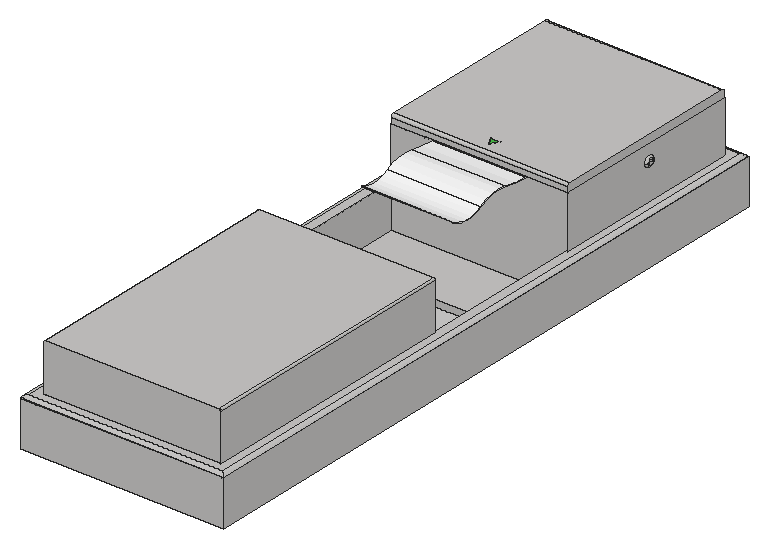
Revit family "Paper_Towel_Dispenser-Waste_Receptacle-Surface_Mounted-Bobrick-ClassicSeries-B-3979.rfaxxx", category Specialty Equipment, host Face, Revit 2019
Family settings
  Host = Face
  Round Connector Dimension = Use Diameter
  Part Type = Normal
  OmniClass Number = 23.40.20.21.17
  OmniClass Title = Paper Towel Dispensers, Disposal Units
  Cut with Voids When Loaded = No
  Shared = Yes
  Room Calculation Point = No
Parameters (values of type "B-3979")
  Width = 17 1/2"
  Waste Receptacle Material = Stainless Steel-Bobrick-Satin
  Voltage Nominal = if([3974-57 AC External Adapter (6V)], 6 V, 0 V)  # 0 V
  URL = "http://www.bobrick.com/"
  Revised Date = "01/11/2023"
  Product Page URL = "https://www.bobrick.com/products/washroom-accessories/washroom-accessories-catalog/product/b-3979/"
  Power Requirement Description = if(Battery Operated, "N/A", "External 6-volt AC to DC switching Power Supply")  # "N/A"
  Operation = "Electronic Sensor"
  Mounting Height Constraint = if([ADA/ICC], 65 15/16", Mounting Height)  # 65 15/16"
  Mounting Height = 60"
  Model = "B-3979"
  Material = "Stainless Steel-Bobrick-Satin"
  Manufacturer = "Bobrick"
  Installation Type = "Wall Mounted"
  Height = 56 5/16"
  Flange Material = Stainless Steel-Bobrick-Satin
  Door Material = Stainless Steel-Bobrick-Satin
  Description = "Surface Mounted Convertible Automatic, Universal Roll Towel Dispenser/Waste Receptacle"
  Default Elevation = 0"
  Creation Date = "28/08/2013"
  Capacity = if([368-60 Waste Receptacle], "18-gallon (68 L)", "12-gal (45.5 L)")  # "12-gal (45.5 L)"
  Cabinet Material = Stainless Steel-Bobrick-Satin
  CBC = no
  Battery Operated = not([3974-57 AC External Adapter (6V)])  # yes
  Assembly Code = "C1030200"
  ADA Compliant = [ADA/ICC]  # yes
  ADA/ICC = yes
  3974-57 AC External Adapter (6V) = no
  3944-152 Folded Towel Dispenser Module = no
  3961-50 Mechanical  (Non-Automatic) Universal Touch-Free Roll Towel Dispenser Module = no
  368-60 Waste Receptacle = no
  3944-134 LinerMate® = no
Reference planes (in)
  plane 1 "Center (Front/Back)": y = 0
  plane 2: z = 0
  plane 3 "Center (Left/Right)": x = 0
  plane 4: x = 8.75
  plane 5: x = -8.75
  plane 6: y = 28.15625
  plane 7 "A.F.F.": y = -28.15625
  plane 8: y = -4.03125
  plane 9: z = 4.125
  plane 10: z = 9.25
  plane 11: z = 8.2451514
  plane 12: x = -7.59375
  plane 13: x = 7.59375
  plane 14: y = -27.03125
  plane 15: y = 10.21875
  plane 16: y = 11.40625
  plane 17 "Finished Floor": y = -37.78125
Forms (in)
  Sweep 1, solid, material "Stainless Steel-Bobrick-Satin" <- "Flange Material"
    path origin (0, 0, 0) x (1, 0, 0) y (0, 1, 0)
      loop
        line (-8.75, 28.15625) -> (-8.75, -28.15625) -> (8.75, -28.15625) -> (8.75, 28.15625) -> (-8.75, 28.15625)
    profile origin (0, 28.15625, 0) x (0, 1, 0) y (0, 0, 1)
      loop
        line (0, 0) -> (0, 3.8593392)
        arc (0, 3.8593392) -> (-0.0020068, 3.8751255) -> (-0.0078996, 3.8899077) r 0.0630944
        arc (-0.0078996, 3.8899077) -> (-0.1753112, 4.0618553) -> (-0.4068396, 4.125) r 0.4560369
        line (-0.4068396, 4.125) -> (-1.15625, 4.125) -> (-1.15625, 0) -> (0, 0)
  Extrusion 2, solid, material "Stainless Steel-Bobrick-Satin" <- "Waste Receptacle Material"
    sketch origin (0, 0, 0) x (1, 0, 0) y (0, 0, 1)
      loop
        line (7.59375, 0.6658301) -> (7.59375, 8.0949373)
        arc (7.59375, 8.0949373) -> (7.5497533, 8.2011547) -> (7.4435358, 8.2451514) r 0.1502142
        line (7.4435358, 8.2451514) -> (-7.4435358, 8.2451514)
        arc (-7.4435358, 8.2451514) -> (-7.5497533, 8.2011547) -> (-7.59375, 8.0949373) r 0.1502142
        line (-7.59375, 8.0949373) -> (-7.59375, 0.6658301) -> (7.59375, 0.6658301)
      loop
        line (-7.46875, 8.1201514) -> (-7.46875, 0.8068017) -> (7.46875, 0.8068017) -> (7.46875, 8.1201514) -> (-7.46875, 8.1201514)
    from 4.03125 to 27.03125
  Extrusion 3, solid, material "Stainless Steel-Bobrick-Satin" <- "Cabinet Material"
    sketch origin (0, 0, 0) x (0, 1, 0) y (0, 0, 1)
      loop
        line (27, 0.3962749) -> (27, 8.5603217) -> (10.21875, 8.5603217) -> (10.21875, 0.3962749) -> (27, 0.3962749)
    from -7.625 to 7.625
  Extrusion 4, solid, material "Stainless Steel-Bobrick-Satin" <- "Door Material"
    sketch origin (0, -0.0289788, 4.125) x (0, 1, 0) y (0, 0, 1)
      loop
        line (27, 4.3054521) -> (27, 4.8962933)
        arc (27, 4.8962933) -> (26.9330134, 5.0580134) -> (26.7712933, 5.125) r 0.2287067
        line (26.7712933, 5.125) -> (10.5076855, 5.125)
        arc (10.5076855, 5.125) -> (10.3459654, 5.0580134) -> (10.2789788, 4.8962933) r 0.2287067
        line (10.2789788, 4.8962933) -> (10.2789788, 4.3054521) -> (27, 4.3054521)
    from -7.59375 to 7.59375
  Revolve 5, solid, material "Stainless Steel-Bobrick-Satin"
    sketch origin (-1.1255095, 0, 7.2773438) x (0, -1, 0) y (1, 0, 0)
      loop
        arc (-19.0998026, 8.9821902) -> (-19.2061541, 8.8865619) -> (-19.2502578, 8.7505095) r 0.2755981
        line (-19.2502578, 8.7505095) -> (-18.8121106, 8.7505095) -> (-18.8121106, 8.9821902) -> (-19.0308606, 8.9821902) -> (-19.0308606, 8.9038423) -> (-19.0621106, 8.9038423) -> (-19.0621106, 8.9821902) -> (-19.0998026, 8.9821902)
      axis (-18.8121106, 8.9821902) -> (-18.8121106, 8.7505095)
    angle from 0 to 360
  Extrusion 6, solid, material "Stainless Steel-Bobrick-Satin" <- "Flange Material"
    sketch origin (0, 0, 0) x (0, 1, 0) y (0, 0, 1)
      loop
        line (1.9529839, 1.7444519) -> (-2.4251227, 0.8068017) -> (-3.8344259, 0.8068017)
        arc (-3.8344259, 0.8068017) -> (-3.9222086, 0.7704409) -> (-3.9585693, 0.6826582) r 0.1241435
        line (-3.9585693, 0.6826582) -> (-3.9585693, 0) -> (8.78125, 0) -> (8.78125, 0.125) -> (5.2388808, 0.125) -> (1.9529839, 1.7444519)
    from -7.59375 to 7.59375
  Extrusion 7, solid, material "Stainless Steel-Bobrick-Satin" <- "Waste Receptacle Material"
    sketch origin (0, -27.03125, 0) x (1, 0, 0) y (0, 0, 1)
      loop
        line (-7.46875, 4.125) -> (7.46875, 4.125) -> (7.46875, 8.1201514) -> (-7.46875, 8.1201514) -> (-7.46875, 4.125)
    from 0 to -0.6490885
  Revolve 8, solid, material "Stainless Steel-Bobrick-Satin" <- "Flange Material"
    sketch origin (0, -21.9704372, 2.1609939) x (0, -1, 0) y (0, 0, 1)
      loop
        arc (-19.0998026, -1.1225114) -> (-19.2061541, -1.2181397) -> (-19.2502578, -1.3541922) r 0.2755981
        line (-19.2502578, -1.3541922) -> (-18.8121106, -1.3541922) -> (-18.8121106, -1.1225114) -> (-19.0308606, -1.1225114) -> (-19.0308606, -1.2008594) -> (-19.0621106, -1.2008594) -> (-19.0621106, -1.1225114) -> (-19.0998026, -1.1225114)
      axis (-18.8121106, -1.1225114) -> (-18.8121106, -1.3541922)
    angle from 0 to 360
  Extrusion 9, solid, material "Stainless Steel-Bobrick-Satin" <- "Flange Material"
    sketch origin (-8.75, 28.15625, 0) x (0, -1, 0) y (-1, 0, 0)
      loop
        line (55.15625, -1.15625) -> (1.15625, -1.15625) -> (1.15625, -16.34375) -> (55.15625, -16.34375) -> (55.15625, -1.15625)
    from 0 to -0.3962749
  Extrusion 10, void
    sketch origin (0, 0.5, 7.2773438) x (0, -1, 0) y (1, 0, 0)
      loop
        line (-10.71875, 0) -> (-11.4710212, 0.434324) -> (-11.4710212, -0.434324) -> (-10.71875, 0)
    from 1.6592121 to 2.1833156
  Extrusion 11, solid, material "Plastic-Bobrick-Green"
    sketch origin (0, 0, 7.2773438) x (0, -1, 0) y (1, 0, 0)
      loop
        line (-11.9710212, 0.434324) -> (-11.9710212, -0.434324) -> (-11.21875, 0) -> (-11.9710212, 0.434324)
    from 1.282978 to 1.9726563
  Sweep 12, solid, material "Paper-Bobrick-White"
    path origin (0, -1.0820312, 10.3824092) x (0, 1, 0) y (0, 0, -1)
      loop
        arc (3.6559218, 1.993648) -> (5.0309218, 2.3791476) -> (6.4059218, 1.993648) r 2.6449248
        arc (6.4059218, 1.993648) -> (7.6933256, 1.5242071) -> (9.0622971, 1.585039) r 3.5
        arc (9.0622971, 1.585039) -> (10.1600312, 1.7860179) -> (11.2739796, 1.8533375) r 9.25
        line (11.2739796, 1.8533375) -> (12.1897712, 1.8533375)
    profile origin (0, 10.6498441, 8.5290717) x (0, 0, 1) y (1, 0, 0)
      loop
        line (0, -4) -> (0, 4) -> (-0.03125, 4) -> (-0.03125, -4) -> (0, -4)
  Extrusion 13, void
    sketch origin (0, 0, 0) x (0, 1, 0) y (0, 0, 1)
      loop
        line (10.21875, 8.5407905) -> (10.21875, 8.4806659) -> (12.2350167, 8.4806659) -> (12.2350167, 8.5407905) -> (10.21875, 8.5407905)
    from -4.7105481 to 4.7039139
  Extrusion 14, void
    sketch origin (0, 0, 7.2773438) x (0, -1, 0) y (1, 0, 0)
      loop
        circle (-11.40625, 0) r 0.5
    from -7.2773438 to -5.5932123
Cuts and joins
  Extrusion 14 cuts Extrusion 11
  Extrusion 14 cuts Sweep 12
  Extrusion 10, Extrusion 13 cuts Extrusion 2
  Extrusion 10, Extrusion 13 cuts Extrusion 7
  joined: Extrusion 2, Extrusion 7
  Extrusion 10, Extrusion 13 cuts Sweep 1
  Extrusion 10, Extrusion 13 cuts Extrusion 6
  Extrusion 10, Extrusion 13 cuts Revolve 8
  Extrusion 10, Extrusion 13 cuts Extrusion 9
  joined: Sweep 1, Extrusion 6, Revolve 8, Extrusion 9
  Extrusion 10, Extrusion 13 cuts Extrusion 3
  Extrusion 10, Extrusion 13 cuts Extrusion 4
Lines and regions (in)
  Masking region 1
    outline origin (0, 0, 0) x (1, 0, 0) y (0, 0, 1)
      loop
        line (8.75, 0) -> (8.75, 3.875)
        arc (8.75, 3.875) -> (8.6140984, 4.0397835) -> (8.4182388, 4.125) r 0.4579291
        line (8.4182388, 4.125) -> (7.625, 4.125) -> (7.625, 6.8367781)
        arc (7.625, 6.8367781) -> (7.7600215, 6.8839145) -> (7.8566807, 6.9893167) r 0.2931824
        line (7.8566807, 6.9893167) -> (7.8566807, 7.5653708)
        arc (7.8566807, 7.5653708) -> (7.7600215, 7.670773) -> (7.625, 7.7179094) r 0.2931824
        line (7.625, 7.7179094) -> (7.625, 8.5603217) -> (7.59375, 8.5603217) -> (7.59375, 9.25) -> (-7.59375, 9.25) -> (-7.59375, 8.5603217) -> (-7.625, 8.5603217) -> (-7.625, 4.125) -> (-8.4182388, 4.125)
        arc (-8.4182388, 4.125) -> (-8.6140984, 4.0397835) -> (-8.75, 3.875) r 0.4579291
        line (-8.75, 3.875) -> (-8.75, 0) -> (8.75, 0)
  symbolic lines, detail levels medium+fine
    curve 1: line (7.59375, 0, 8.5603217) -> (-7.625, 0, 8.5603217)
    curve 2: line (7.625, 0, 7.7280868) -> (7.625, 0, 6.7664941)
    curve 3: line (7.625, 0, 4.125) -> (-7.625, 0, 4.125)
Dimensions and locks (in)
  "Height": plane 6 to plane 7 "A.F.F."
  plane 8 to plane 7 "A.F.F." = 24 1/8"
  plane 7 "A.F.F." to plane 8 = 24 1/8"
  plane 9 to level = 4 1/8"
  level to plane 10 = 9 1/4"
  plane 12 to plane 13 = 15 3/16"
  plane 14 to plane 8 = 23"
  plane 11 to level = 8.24515"
  plane 14 to plane 7 "A.F.F." = 1 1/8"
  "Width": plane 5 to plane 4
  plane 15 to plane 7 "A.F.F." = 38 3/8"
  plane 6 to plane 15 = 17 15/16"
  plane 15 to plane 16 = 1 3/16"
  "Mounting Height Constraint": plane 6 to plane 17 "Finished Floor"
  aligned and locked: host face to plane 2
  aligned and locked: host face to level
Automatic sketch dimensions
  host sketch curve to host sketch curve = 133.12179"
  host sketch curve to host sketch curve = 140.78347"
  Sweep 1 sketch curve to plane 5 = 0"
  Sweep 1 sketch curve to plane 4 = 0"
  plane 7 "A.F.F." to Sweep 1 sketch curve = 0"
  Sweep 1 sketch curve to plane 6 = 0"
  Sweep 1 sketch curve to level = 0"
  Sweep 1 sketch curve to profile plane = 0"
  profile plane to Sweep 1 sketch curve = 0.06309"
  Sweep 1 sketch curve to Sweep 1 sketch curve = 11/32"
  Sweep 1 sketch curve to Sweep 1 sketch curve = 0.74941"
  level to Sweep 1 sketch curve = 3.66896"
  Sweep 1 sketch curve to Sweep 1 sketch curve = 0.19038"
  Sweep 1 sketch curve to Sweep 1 sketch curve = 0.45604"
  Extrusion 2 sketch curve to plane 12 = 0"
  Extrusion 2 sketch curve to plane 11 = 0"
  plane 13 to Extrusion 2 sketch curve = 0"
  plane 12 to Extrusion 2 sketch curve = 1/8"
  Extrusion 2 sketch curve to Extrusion 2 sketch curve = 0.02521"  (x2)
  Extrusion 2 sketch curve to Extrusion 2 sketch curve = 0.15021"
  plane 13 to Extrusion 2 sketch curve = 1/8"
  level to Extrusion 2 sketch curve = 0.8068"
  Extrusion 2 sketch curve to Extrusion 2 sketch curve = 0.14097"
  level to Extrusion 3 sketch curve = 0.39627"
  Extrusion 3 sketch curve to plane 6 = 1 5/32"
  plane 11 to Extrusion 3 sketch curve = 0.31517"
  plane 15 to Extrusion 4 sketch curve = 1/32"
  plane 10 to Extrusion 4 sketch curve = 0"
  Extrusion 4 sketch curve to Extrusion 4 sketch curve = 0.22871"
  plane 10 to Extrusion 4 sketch curve = 0.22871"
  Extrusion 4 sketch curve to plane 6 = 1.41394"
  plane 11 to Extrusion 4 sketch curve = 0.1853"
  Revolve 5 sketch curve to plane 13 = 1/32"
  Revolve 5 sketch curve to plane 6 = 8.90599"
  Revolve 5 sketch curve to Revolve 5 sketch curve = 0.15046"
  Revolve 5 sketch curve to Revolve 5 sketch curve = 0.03769"
  Revolve 5 sketch curve to Revolve 5 sketch curve = 1/32"
  Revolve 5 sketch curve to plane 13 = 0.0172"
  Revolve 5 sketch curve to Revolve 5 sketch curve = 0.05584"
  Revolve 5 sketch curve to Revolve 5 sketch curve = 0.16291"
  Revolve 5 sketch curve to Revolve 5 sketch curve = 0.07835"
  Revolve 5 sketch curve to Revolve 5 sketch curve = 0.23168"
  Revolve 5 sketch curve to Revolve 5 sketch curve = 0"
  Revolve 5 sketch curve to Revolve 5 sketch curve = 0.0885"
  Revolve 5 sketch curve to Revolve 5 sketch curve = 0.09463"
  Extrusion 6 sketch curve to level = 0"
  plane 8 to Extrusion 6 sketch curve = 0.07268"
  Extrusion 6 sketch curve to Extrusion 6 sketch curve = 0.12414"
  Extrusion 6 sketch curve to Extrusion 6 sketch curve = 1.4093"
  Extrusion 6 sketch curve to plane 1 "Center (Front/Back)" = 1.95298"
  level to Extrusion 6 sketch curve = 1/8"
  Extrusion 6 sketch curve to Extrusion 6 sketch curve = 3.2859"
  Extrusion 6 sketch curve to plane 15 = 1 7/16"
  Extrusion 6 sketch curve to Extrusion 6 sketch curve = 0.68266"
  level to Extrusion 6 sketch curve = 1.74445"
  Extrusion 7 sketch curve to plane 9 = 0"
  plane 12 to Extrusion 7 sketch curve = 1/8"
  plane 13 to Extrusion 7 sketch curve = 1/8"
  Extrusion 7 sketch curve to plane 11 = 1/8"
  level to Revolve 8 sketch curve = 0.8068"
  plane 8 to Revolve 8 sketch curve = 1.31107"
  Revolve 8 sketch curve to Revolve 8 sketch curve = 0.15046"
  Revolve 8 sketch curve to Revolve 8 sketch curve = 0.03769"
  Revolve 8 sketch curve to Revolve 8 sketch curve = 1/32"
  Revolve 8 sketch curve to Revolve 8 sketch curve = 0.05584"
  Revolve 8 sketch curve to Revolve 8 sketch curve = 0.16291"
  Revolve 8 sketch curve to Revolve 8 sketch curve = 0.01405"
  Revolve 8 sketch curve to Revolve 8 sketch curve = 0.07835"
  Revolve 8 sketch curve to Revolve 8 sketch curve = 0.23168"
  Revolve 8 sketch curve to Revolve 8 sketch curve = 0"
  Revolve 8 sketch curve to Revolve 8 sketch curve = 0.0885"
  Revolve 8 sketch curve to Revolve 8 sketch curve = 0.09463"
  Extrusion 9 sketch curve to Sweep 1 = 0"  (x4)
  Extrusion 10 sketch curve to plane 3 "Center (Left/Right)" = 0"
  Extrusion 10 sketch curve to plane 3 "Center (Left/Right)" = 0.43432"
  plane 15 to Extrusion 10 sketch curve = 1.75227"
  Extrusion 10 sketch curve to Extrusion 10 sketch curve = 0.75227"
  plane 3 "Center (Left/Right)" to Extrusion 10 sketch curve = 0.43432"
  Extrusion 11 sketch curve to plane 3 "Center (Left/Right)" = 0"
  plane 3 "Center (Left/Right)" to Extrusion 11 sketch curve = 0.43432"
  plane 15 to Extrusion 11 sketch curve = 1.75227"
  Extrusion 11 sketch curve to Extrusion 11 sketch curve = 0.75227"
  Extrusion 11 sketch curve to plane 3 "Center (Left/Right)" = 0.43432"
  Masking region 1 sketch curve to plane 12 = 0"
  plane 13 to Masking region 1 sketch curve = 0"
  Masking region 1 sketch curve to plane 10 = 0"
  Masking region 1 sketch curve to plane 5 = 0.41149"
  Masking region 1 sketch curve to Masking region 1 sketch curve = 1/32"
  Masking region 1 sketch curve to plane 13 = 0.00505"  (x2)
  Masking region 1 sketch curve to plane 13 = 1/32"  (x2)
  Masking region 1 sketch curve to plane 13 = 0.26293"
  Masking region 1 sketch curve to plane 4 = 0.41149"
  Masking region 1 sketch curve to plane 4 = 0.33176"
  Masking region 1 sketch curve to plane 9 = 0.45093"
  Masking region 1 sketch curve to plane 11 = 1.40837"
  Masking region 1 sketch curve to Masking region 1 sketch curve = 0.15254"
  Masking region 1 sketch curve to Masking region 1 sketch curve = 0.29711"
  Masking region 1 sketch curve to Masking region 1 sketch curve = 0.13947"
  plane 11 to Masking region 1 sketch curve = 0.31517"  (x2)
  Masking region 1 sketch curve to plane 5 = 0.33176"
  plane 4 to Masking region 1 sketch curve = 0"
  Masking region 1 sketch curve to plane 9 = 0"  (x2)
  Masking region 1 sketch curve to plane 9 = 1/4"
  plane 5 to Masking region 1 sketch curve = 0"
  Masking region 1 sketch curve to level = 0"
  curve 3 to plane 9 = 0"
  plane 13 to curve 1 = 0"
  curve 3 to plane 12 = 1/32"
  curve 1 to plane 12 = 1/32"
  curve 3 to plane 13 = 1/32"
  curve 2 to plane 13 = 1/32"
  curve 2 to plane 11 = 1.47866"
  curve 2 to plane 11 = 0.51706"
  plane 11 to curve 1 = 0.31517"
  plane 15 to Extrusion 3 sketch curve = 0"
  Sweep 12 sketch curve to plane 11 = 2.40303"
  plane 1 "Center (Front/Back)" to Sweep 12 sketch curve = 3.94889"
  Sweep 12 sketch curve to level = 5.39889"
  plane 15 to Sweep 12 sketch curve = 3.07534"
  plane 15 to Sweep 12 sketch curve = 0.0268"
  plane 10 to Sweep 12 sketch curve = 8.52907"
  Sweep 12 sketch curve to plane 9 = 4.40407"
  Sweep 12 sketch curve to plane 9 = 4.26376"
  Sweep 12 sketch curve to Sweep 12 sketch curve = 1 3/8"
  Sweep 12 sketch curve to Sweep 12 sketch curve = 0"
  Sweep 12 sketch curve to Sweep 12 sketch curve = 0.91579"
  Sweep 12 sketch curve to profile plane = 0"
  Sweep 12 sketch curve to Sweep 12 sketch curve = 1/32"
  Sweep 12 sketch curve to profile plane = 4"
  profile plane to Sweep 12 sketch curve = 4"
  Extrusion 13 sketch curve to plane 15 = 0"
  plane 11 to Extrusion 13 sketch curve = 0.23551"
  Extrusion 13 sketch curve to Extrusion 13 sketch curve = 2.01627"
  Extrusion 13 sketch curve to Extrusion 13 sketch curve = 0.06012"
  Extrusion 14 sketch curve to plane 3 "Center (Left/Right)" = 0"
  plane 16 to Extrusion 14 sketch curve = 0"
  radius of Extrusion 14 sketch curve = 1/2"
Connectors (in)
  electrical at (0, 11.40625, 0), driven by "Power Requirement Description", driven by "Voltage Nominal"
    settings: on Extrusion 14, index 1, voltage 0 V, apparent load 0 VA, apparent load phase1 0 VA, apparent load phase2 0 VA, apparent load phase3 0 VA, power factor 1, load classification "Other", number of poles 1, system type 31, power factor state 1, is connector primary yes, connector utility no, sub classification motor no, connector description "N/A"
